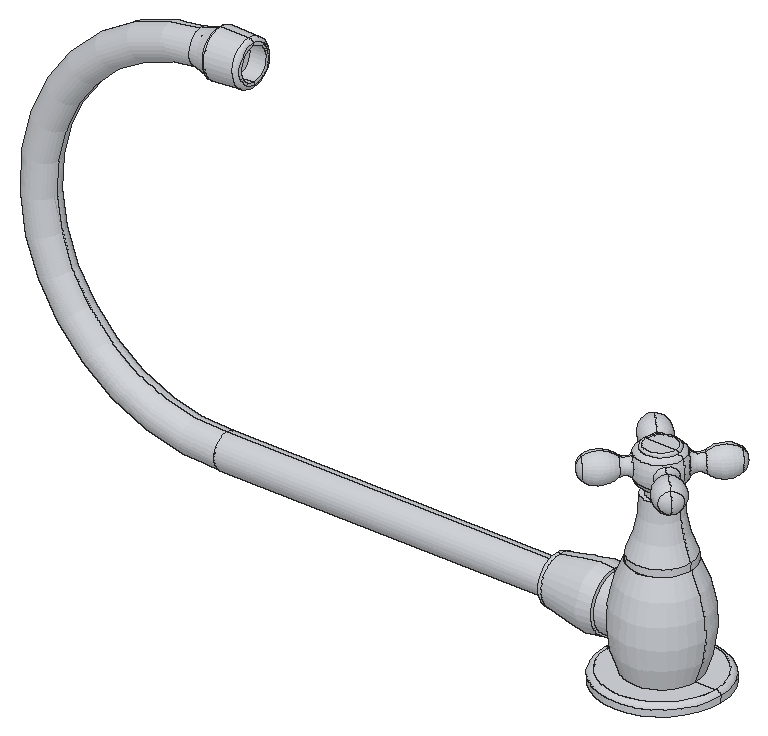
Revit family "01-0834-11-LLAVE MÓVIL PARED ARCO CALIMA", category Plumbing Fixtures, host Face, Revit 2018
Family settings
  Host = Face
  Round Connector Dimension = Use Diameter
  Part Type = Normal
  OmniClass Number = 23.31.11.00
  Cut with Voids When Loaded = No
  Shared = No
  Room Calculation Point = No
Parameters (values of type "01-0834-11")
  Waste Water Outlet = ""
  Profundidad = 187.00 mm
  Plástico - ABS Cromado = Plastico ABS Cromado
  Link Ficha Tecnica = "http://infotecnica.gricol.com/FT_01083411.pdf"
  Waste Connection = 1 = 0  # no
  Vent Connection = 1 = 0  # no
  URL = "https://www.gricol.com/"
  Type Image = 01-0834-11-FOTO LLAVE MOVIL ARCO CALIMA.jpg
  Product Name = "LLAVE MÓVIL PARED ARCO CALIMA"  # constant formula
  Model = "01-0834-11"  # constant formula
  Manufacturer = "Gricol"  # constant formula
  HW Connection = 1 = 1  # yes
  Description = "Monomando"  # constant formula
  Default Elevation = 0.00 mm
  Date Modified = ""
  Date Created = "05/28/2020"  # constant formula
  Copyright = "All rights reserved © Gricol - 2020."  # constant formula
  CW Connection = 1 = 1  # yes
  Assembly Code = ""
  Alto cuerpo-llave = 110.00 mm
  Ancho  manija = 69.00 mm
  Alto = 330.00 mm
Reference planes
  plane 1 "Center (Front/Back)": y = -13.681
  plane 2: z = 0
  plane 3 "Center (Left/Right)": x = 0
  plane 4: z = 110
  plane 5: z = 213.495
  plane 6: x = -330
  plane 7: z = 26.495
  plane 8: x = -211
Dimensions and locks
  "Alto cuerpo-llave": plane 4 to level
  "Profundidad": plane 5 to plane 7
  "Alto": plane 3 "Center (Left/Right)" to plane 6
  plane 3 "Center (Left/Right)" to plane 8 = 211.00 mm
  plane 8 to plane 3 "Center (Left/Right)" = 211.00 mm
  plane 6 to plane 3 "Center (Left/Right)" = 330.00 mm
  aligned and locked: plane 2 to host face
  aligned and locked: level to host face
Automatic sketch dimensions
  host sketch curve to host sketch curve = 414.146 mm
  host sketch curve to host sketch curve = 205.38 mm
Nested families
  nested 1: "LLAVE MÓVIL PARED ARCO CALIMA" at (0, 0, 0), type "LLAVE MÓVIL PARED ARCO CALIMA"
Definition of nested family "LLAVE MÓVIL PARED ARCO CALIMA"
  Parameters (values of type "LLAVE MÓVIL PARED ARCO CALIMA")
    Brazo y manija = none
  Reference planes
    plane 1 "Center (Front/Back)": y = 0
    plane 2: z = 0
    plane 3 "Center (Left/Right)": x = 0
    plane 4: x = -211
    plane 5: x = -330
    plane 6: z = 110
    plane 7: z = 213.495
    plane 8: z = 26.495
  Forms (mm)
    Revolve 1, solid
      sketch origin (17.75, 0, 27.745) x (0, 0, -1) y (-1, 0, 0)
        loop
          line (0, 73.292) -> (-10, 73.292)
          arc (-10, 73.292) -> (-11.685, 72.538) -> (-12.246, 70.78) r 2.26
          spline (-12.246, 70.78) -> (-12.827, 67.438) -> (-13.414, 64.313) -> (-13.987, 61.393) -> (-14.527, 58.667) -> (-15.013, 56.123) -> (-15.426, 53.748) -> (-15.744, 51.532) -> (-15.949, 49.462) -> (-16.02, 47.526) -> (-15.937, 45.714) -> (-15.679, 44.011) -> (-15.228, 42.408)
          line (-15.228, 42.408) -> (-13.917, 42.408) -> (-13.917, 11.491) -> (0, 11.491) -> (0, 73.292)
        axis (0, 73.292) -> (0, 11.491)
      angle from 0 to 360
    Revolve 2, solid, not visible
      sketch origin (-41.806, 0, 19.126) x (1, 0, 0) y (0, 0, 1)
        loop
          arc (91.939, 78.537) -> (91.234, 78.397) -> (90.637, 77.998) r 1.842
          line (90.637, 77.998) -> (87.932, 75.292) -> (87.932, 62.219) -> (91.308, 58.843)
          arc (91.308, 58.843) -> (91.905, 58.443) -> (92.61, 58.303) r 1.842
          line (92.61, 58.303) -> (101.156, 58.303) -> (101.156, 78.537) -> (91.939, 78.537)
        axis (101.156, 58.303) -> (101.156, 78.537)
      angle from 0 to 360
    Revolve 3, solid, not visible
      sketch origin (-40.807, 0, 18.564) x (1, 0, 0) y (0, 0, 1)
        loop
          line (132.143, 76.469) -> (111.507, 74.663) -> (111.507, 69.083) -> (134.751, 69.083)
          arc (134.751, 69.083) -> (134.144, 73.022) -> (132.143, 76.469) r 10.741
        axis (111.507, 69.083) -> (134.751, 69.083)
      angle from 0 to 360
    Revolve 4, solid, not visible
      sketch origin (59.35, -99.845, 18.564) x (0, 1, 0) y (0, 0, 1)
        loop
          line (132.143, 76.469) -> (111.507, 74.663) -> (111.507, 69.083) -> (134.751, 69.083)
          arc (134.751, 69.083) -> (134.144, 73.022) -> (132.143, 76.469) r 10.741
        axis (111.507, 69.083) -> (134.751, 69.083)
      angle from 0 to 360
    Revolve 5, solid, not visible
      sketch origin (159.508, 0, 18.564) x (-1, 0, 0) y (0, 0, 1)
        loop
          line (132.143, 76.469) -> (111.507, 74.663) -> (111.507, 69.083) -> (134.751, 69.083)
          arc (134.751, 69.083) -> (134.144, 73.022) -> (132.143, 76.469) r 10.741
        axis (111.507, 69.083) -> (134.751, 69.083)
      angle from 0 to 360
    Revolve 6, solid, not visible
      sketch origin (59.35, 99.845, 18.564) x (0, -1, 0) y (0, 0, 1)
        loop
          line (132.143, 76.469) -> (111.507, 74.663) -> (111.507, 69.083) -> (134.751, 69.083)
          arc (134.751, 69.083) -> (134.144, 73.022) -> (132.143, 76.469) r 10.741
        axis (111.507, 69.083) -> (134.751, 69.083)
      angle from 0 to 360
    Revolve 7, solid, not visible
      sketch origin (59.643, -59.643, -11.25) x (0, 1, 0) y (0, 0, 1)
        loop
          line (67.686, 85.738) -> (67.686, 88.676) -> (59.643, 88.676) -> (59.643, 54.172) -> (74.81, 54.172) -> (74.81, 58.359)
          arc (74.81, 58.359) -> (70.112, 71.667) -> (69.029, 85.738) r 53.904
          line (69.029, 85.738) -> (67.686, 85.738)
        axis (59.643, 54.172) -> (59.643, 88.676)
      angle from 0 to 360
    Sweep 8, solid
      path origin (49.703, 0, 27.745) x (0, 0, 1) y (1, 0, 0)
        loop
          line (-0.543, -105.155) -> (-0.543, -274.917)
          arc (-0.543, -274.917) -> (86.499, -371.137) -> (182.719, -284.095) r 91.746
      profile origin (-321.434, 0, 114.243) x (0.998748, 0, 0.05002) y (0, 1, 0)
        loop
          circle (0, 0) r 8.488
    Revolve 9, solid
      sketch origin (30.487, 0, 83.446) x (-0.041335, 0, 0.999145) y (0.999145, 0, 0.041335)
        loop
          arc (125.725, -252.866) -> (125.93, -253.541) -> (126.516, -253.932) r 1.048
          arc (126.516, -253.932) -> (128.056, -258.396) -> (129.014, -263.02) r 36.877
          line (129.014, -263.02) -> (137.752, -263.02) -> (137.752, -245.983) -> (129.11, -245.576) -> (129.543, -236.403) -> (128.248, -236.403)
          arc (128.248, -236.403) -> (126.979, -237.121) -> (126.407, -238.462) r 2.275
          line (126.407, -238.462) -> (125.725, -252.866)
        axis (137.752, -236.403) -> (137.752, -263.02)
      angle from 0 to 360
    Revolve 10, solid
      sketch origin (0, 0, 0) x (1, 0, 0) y (0, 0, 1)
        loop
          line (0, 56.11) -> (-15.525, 56.11)
          arc (-15.525, 56.11) -> (-22.486, 30.936) -> (-17.742, 5.251) r 58.229
          line (-17.742, 5.251) -> (-27.742, 5.251)
          arc (-27.742, 5.251) -> (-29.517, 4.692) -> (-30.65, 3.215) r 3.095
          line (-30.65, 3.215) -> (-30.65, 0) -> (0, 0) -> (0, 56.11)
        axis (0, 0) -> (0, 56.11)
      angle from 0 to 360
    Revolve 11, solid
      sketch origin (-59.643, 0, 1.049) x (1, 0, 0) y (0, 0, 1)
        loop
          line (66.748, 85.738) -> (66.748, 90.349) -> (59.643, 90.349) -> (59.643, 54.172) -> (74.81, 54.172) -> (74.81, 58.359)
          arc (74.81, 58.359) -> (70.112, 71.667) -> (69.029, 85.738) r 53.904
          line (69.029, 85.738) -> (66.748, 85.738)
        axis (59.643, 54.172) -> (59.643, 90.349)
      angle from 0 to 360
  Cuts and joins
    joined: Revolve 1, Revolve 10
  Dimensions and locks
    plane 6 to level = 110.00 mm
    plane 7 to plane 8 = 187.00 mm  (x2)
    plane 7 to level = 213.495 mm
    plane 3 "Center (Left/Right)" to plane 4 = 211.00 mm
    plane 3 "Center (Left/Right)" to plane 5 = 330.00 mm
    nested 1 to nested 1 = 69.00 mm
    aligned and locked: level to plane 2
  Nested families
    nested 1: "MANIJA CALIMA" at (0.342, -1.281, 0), type "MANIJA CALIMA"
  Definition of nested family "MANIJA CALIMA"
    Parameters (values of type "MANIJA CALIMA")
      Brazo y manija = none
    Reference planes
      plane 1 "Center (Front/Back)": y = 0
      plane 2: z = 0
      plane 3 "Center (Left/Right)": x = 0
      plane 4 "Eje aireador": y = -126
      plane 5: z = 260
      plane 6: z = 110
      plane 7: x = -180.9
      plane 8: z = 39.1
      plane 9: z = 10.8
      plane 10: x = -33.5
      plane 11: x = 33.5
      plane 12: z = 220.9
      plane 13: through (0, 0, 1219.2) normal (-0.7071, -0.7071, 0)
      plane 14: through (0, 0, 1219.2) normal (-0.7071, 0.7071, 0)
      plane 15: through (-25.766, -22.182, 1219.2) normal (-0.7071, -0.7071, 0)
      plane 16: through (26.591, 23.042, 1219.2) normal (-0.7071, -0.7071, 0)
    Forms (mm)
      Revolve 1, solid
        sketch origin (64.127, -63.34, 31.8) x (-0.707107, 0.707107, 0) y (0, 0, 1)
          loop
            line (86.045, 69.083) -> (86.045, 76.634)
            arc (86.045, 76.634) -> (82.462, 76.655) -> (79.277, 75.016) r 7.519
            arc (79.277, 75.016) -> (76.032, 73.035) -> (72.282, 73.656) r 5.453
            arc (72.282, 73.656) -> (64.911, 76.538) -> (57.294, 74.392) r 12.441
            arc (57.294, 74.392) -> (55.607, 71.985) -> (55.149, 69.083) r 6.519
            line (55.149, 69.083) -> (86.045, 69.083)
          axis (86.045, 69.083) -> (55.149, 69.083)
        angle from 0 to 360
      Revolve 2, solid
        sketch origin (0, 0, 13.125) x (1, 0, 0) y (0, 0, 1)
          loop
            line (0, 78.307) -> (6.629, 78.307)
            arc (6.629, 78.307) -> (9.606, 79.457) -> (11.571, 81.972) r 5.993
            arc (11.571, 81.972) -> (12.712, 87.698) -> (11.571, 93.423) r 14.93
            arc (11.571, 93.423) -> (10.527, 94.869) -> (8.948, 95.696) r 3.883
            line (8.948, 95.696) -> (0, 95.696) -> (0, 78.307)
          axis (0, 95.696) -> (0, 78.307)
        angle from 0 to 360
      Revolve 3, solid
        sketch origin (0, 0, 29.718) x (1, 0, 0) y (0, 0, 1)
          loop
            line (0, 79.095) -> (8.949, 79.095)
            arc (8.949, 79.095) -> (8.649, 79.929) -> (7.836, 80.281) r 1.115
            line (7.836, 80.281) -> (0, 80.281) -> (0, 79.095)
          axis (0, 80.281) -> (0, 79.095)
        angle from 0 to 360
      Revolve 4, solid
        sketch origin (-63.34, 64.127, 31.8) x (0.707107, -0.707107, 0) y (0, 0, -1)
          loop
            line (86.045, -69.083) -> (55.149, -69.083)
            arc (55.149, -69.083) -> (55.607, -71.985) -> (57.294, -74.392) r 6.519
            arc (57.294, -74.392) -> (64.911, -76.538) -> (72.282, -73.656) r 12.441
            arc (72.282, -73.656) -> (76.032, -73.035) -> (79.277, -75.016) r 5.453
            arc (79.277, -75.016) -> (82.462, -76.655) -> (86.045, -76.634) r 7.519
            line (86.045, -76.634) -> (86.045, -69.083)
          axis (86.045, -69.083) -> (55.149, -69.083)
        angle from 0 to 360
      Revolve 5, solid
        sketch origin (-63.34, -63.34, 31.8) x (0.707107, 0.707107, 0) y (0, 0, 1)
          loop
            line (86.045, 69.083) -> (86.045, 76.634)
            arc (86.045, 76.634) -> (82.462, 76.655) -> (79.277, 75.016) r 7.519
            arc (79.277, 75.016) -> (76.032, 73.035) -> (72.282, 73.656) r 5.453
            arc (72.282, 73.656) -> (64.911, 76.538) -> (57.294, 74.392) r 12.441
            arc (57.294, 74.392) -> (55.607, 71.985) -> (55.149, 69.083) r 6.519
            line (55.149, 69.083) -> (86.045, 69.083)
          axis (86.045, 69.083) -> (55.149, 69.083)
        angle from 0 to 360
      Revolve 6, solid
        sketch origin (64.127, 64.127, 31.8) x (-0.707107, -0.707107, 0) y (0, 0, -1)
          loop
            line (86.045, -69.083) -> (55.149, -69.083)
            arc (55.149, -69.083) -> (55.607, -71.985) -> (57.294, -74.392) r 6.519
            arc (57.294, -74.392) -> (64.911, -76.538) -> (72.282, -73.656) r 12.441
            arc (72.282, -73.656) -> (76.032, -73.035) -> (79.277, -75.016) r 5.453
            arc (79.277, -75.016) -> (82.462, -76.655) -> (86.045, -76.634) r 7.519
            line (86.045, -76.634) -> (86.045, -69.083)
          axis (86.045, -69.083) -> (55.149, -69.083)
        angle from 0 to 360
    Dimensions and locks
      plane 4 "Eje aireador" to plane 1 "Center (Front/Back)" = 126.00 mm  (x2)
      plane 1 "Center (Front/Back)" to plane 4 "Eje aireador" = 126.00 mm
      plane 5 to plane 2 = 260.00 mm
      plane 5 to plane 8 = 220.90 mm
      plane 7 to plane 3 "Center (Left/Right)" = 180.90 mm  (x2)
      locked: plane 10 to plane 11 at 67
      plane 11 to plane 3 "Center (Left/Right)" = 33.50 mm
      plane 2 to plane 12 = 220.90 mm
      plane 6 to level = 110.00 mm  (x2)
      plane 12 to plane 2 = 220.90 mm
      plane 15 to plane 16 = 69.00 mm
      plane 3 "Center (Left/Right)" to plane 7 = 180.90 mm
      aligned and locked: level to plane 2
